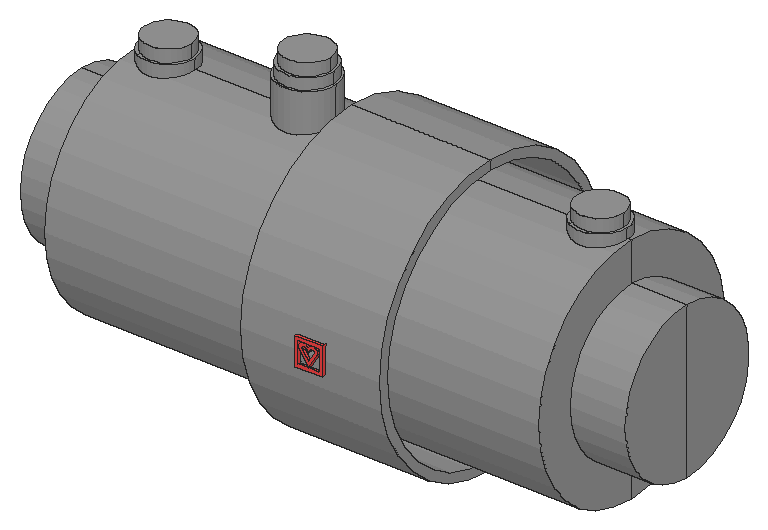
Revit family "Клапан предотвращения обратного потока 0307, наружная резьба х наружная резьба", category Rohrzubehör, Revit 2019
Family settings
  Bemaßung runder Anschluss = Durchmesser verwenden
  Teiletyp = Unterbricht
  OmniClass-Nummer = 23.65.55.14
  OmniClass-Titel = Valves for Liquid Services
  Arbeitsebenenbasiert = Nein
  Immer vertikal = Ja
  Beim Laden mit Abzugskörper schneiden = Nein
  Gemeinsam genutzt = Nein
Parameters (values of type "наружная резьба х наружная резьба DN50-DN50")
  Среда = "вода (не пар)"
  Примечание = "В соответствии со статьей 33 Регламента REACH (Registration; Evaluation; Authorisation; Restriction of Chemicals) (EC № 1907/2006) мы обязаны указать, что свинец внесен в список SVHC (Substances of Very High Concern - вещества очень высокой важности) и весовой процент свинца во всех латунных компонентах заводского изготовления в наших изделиях, превышает 0,1 % (w/w) (CAS: 7439-92-1 / EINECS: 231-100-4).\r\nПоскольку свинец является легирующим компонентом сплава, прямое негативное влияние исключается, и поэтому дополнительной информации о безопасном использовании не требуется."
  Область применения = "Клапан предотвращения обратного потока является экономически выгодным решением по дооснащению гидрантов арматурой, в соответствии с предписаниями DIN EN 1717, предотвращающей подсасывание непитьевой воды обратно в трубопровод питьевого водоснабжения.\r\nКлапан предотвращения обратного потока предназначается для установки в горизонтальном положении.\r\nДопускается также его вертикальное положение, но обязательно по направлению движения потока сверху вниз.\r\nКлапан не предусмотрен для установки на стояковых нагнетательных трубопроводах."
  Макс. рабочее давление = 1000000.0 Pa  # constant formula
  Макс. рабочая температура = 65 °C  # constant formula
  Корпус = "нержавеющая сталь"  # constant formula
  Исполнение = "Клапан предотвращения обратного потока ВА разработан согласно требованиям нормы DIN EN 1717.\r\nСогласно этой нормы качество воды, в зависимости от степени загрязнения, разделяется на 5 категорий.\r\nКлапан предотвращения обратного потока типа ВА обеспечивает защиту от непитьевой воды до 4 категории, - это самый высокий класс защиты, который может обеспечить арматура.\r\nБолее низкий уровень защиты, чем тот, что обеспечивается клапаном предотвращения обратного потока, не является стандартом и в случае аварии ответственность несёт потребитель такого гидранта.\r\nФункциональный узел представляет собой картридж с золотником больших размеров и защищающего от гидравлического удара спускного клапана.\r\nРезьбы соединения между собой взаимозаменяемы, при этом возможны 16 вариантов подключения (входная и выходная стороны могут быть с внутренней или наружной резьбой  1 1/2\" , как альтернатива,  с внутренней или наружной резьбой 2\")."
  URL = "www.herz-armaturen.ru"
  SCTWSEQ = "AW;SBT_TYP_AW=\"104\";2"
  SCTWCODE = "04;12;02"  # constant formula
  S03 = 15.000 mm  # constant formula
  S02 = 45.000 mm  # constant formula
  S01 = 98.000 mm  # constant formula
  Nennweite Ein [instance] = if(AG_AG_DN40_DN40, 40.000 mm, if(AG_AG_DN40_DN50, 40.000 mm, if(AG_AG_DN50_DN40, 50.000 mm, if(AG_AG_DN50_DN50, 50.000 mm, 0.000 mm))))  # 50.000 mm
  Nennweite Aus [instance] = if(AG_AG_DN40_DN40, 40.000 mm, if(AG_AG_DN40_DN50, 50.000 mm, if(AG_AG_DN50_DN40, 40.000 mm, if(AG_AG_DN50_DN50, 50.000 mm, 0.000 mm))))  # 50.000 mm
  Макс. допустимая рабочая температура (кратковременно) = 80 °C  # constant formula
  L05 = 73.000 mm  # constant formula
  L04 = 28.000 mm  # constant formula
  L03 = 87.500 mm  # constant formula
  L02 = 18.000 mm  # constant formula
  L01 = 196.000 mm  # constant formula
  Hersteller = "HERZ Armaturen Ges.m.b.H."  # constant formula
  Положение при монтаже = "горизонтально или вертикально, с направлением потока сверху вниз"  # constant formula
  D02 = 45.000 mm  # constant formula
  D01 = 37.500 mm  # constant formula
  Номер заказа [instance] = if(AG_AG_DN40_DN40, "I030703", if(AG_AG_DN40_DN50, "I030711", if(AG_AG_DN50_DN40, "I030715", if(AG_AG_DN50_DN50, "I030707", "0"))))  # "I030707"
  AG_AG_DN50_DN50 = yes
  AG_AG_DN50_DN40 = no
  AG_AG_DN40_DN50 = no
  AG_AG_DN40_DN40 = no
  AG Aus [instance] = Nennweite Aus / 2  # 25.000 mm
  AG Ein [instance] = Nennweite Ein / 2  # 25.000 mm
Types (5, lengths in mm): name | Nennweite Ein | Nennweite Aus | Номер заказа | AG_AG_DN50_DN50 | AG_AG_DN50_DN40 | AG_AG_DN40_DN50 | AG_AG_DN40_DN40 | AG Aus | AG Ein
  (no name) | 50.000 | 50.000 | "I030707" | yes | no | no | no | 25.000 | 25.000
  наружная резьба х наружная резьба DN40-DN50 | 40.000 | 50.000 | "I030711" | no | no | yes | no | 25.000 | 20.000
  наружная резьба х наружная резьба DN40-DN40 | 40.000 | 40.000 | "I030703" | no | no | no | yes | 20.000 | 20.000
  наружная резьба х наружная резьба DN50-DN50 | 50.000 | 50.000 | "I030707" | yes | no | no | no | 25.000 | 25.000
  наружная резьба х наружная резьба DN50-DN40 | 50.000 | 40.000 | "I030715" | no | yes | no | no | 20.000 | 25.000
Reference planes
  plane 1 "Mitte (Vorne/hinten)": y = 0
  plane 2: z = 0
  plane 3 "Mitte (Links/rechts)": x = 0
Forms (mm)
  Revolve 1, solid, material "Messing, weicher Gelbton, geschweißt", detail levels fine
    sketch origin (0, 0, 0) x (1, 0, 0) y (0, 0, 1)
      loop
        line (-98, 0) -> (98, 0) -> (98, 25) -> (80, 25) -> (80, 37.5) -> (-80, 37.5) -> (-80, 25) -> (-98, 25) -> (-98, 0)
      axis (-98, 0) -> (98, 0)
    angle from 0 to 360
  Revolve 2, solid, material "Acetalharz, Schwarz", detail levels fine
    sketch origin (0, 0, 0) x (1, 0, 0) y (0, 0, 1)
      loop
        line (-10.5, 0) -> (1.5, 0) -> (1.5, 42) -> (34.5, 42) -> (34.5, 45) -> (-10.5, 45) -> (-10.5, 0)
      axis (-10.5, 0) -> (34.5, 0)
    angle from 0 to 360
  Extrusion 3, solid, material "Messing, weicher Gelbton, geschweißt", detail levels fine
    sketch origin (0, 0, 0) x (1, 0, 0) y (0, 1, 0)
      loop
        circle (-70, 0) r 8.5
      loop
        circle (70, 0) r 8.5
    from 0 to 40.5
  Extrusion 4, solid, material "Acetalharz, Schwarz", detail levels fine
    sketch origin (0, 0, 0) x (1, 0, 0) y (0, 1, 0)
      loop
        circle (-70, 0) r 7.5
      loop
        circle (70, 0) r 7.5
    from 40.5 to 44.5
  Extrusion 5, solid, material "Messing, weicher Gelbton, geschweißt", detail levels fine
    sketch origin (0, 0, 0) x (1, 0, 0) y (0, 1, 0)
      loop
        circle (-25, 0) r 9.3
    from 0 to 49
  Extrusion 6, solid, material "Messing, weicher Gelbton, geschweißt", detail levels fine
    sketch origin (0, 0, 0) x (1, 0, 0) y (0, 1, 0)
      loop
        circle (-25, 0) r 8.5
    from 49 to 52.5
  Extrusion 7, solid, material "Acetalharz, Schwarz", visible <- "AG_AG_DN40_DN50", detail levels fine
    sketch origin (0, 0, 0) x (1, 0, 0) y (0, 1, 0)
      loop
        circle (-25, 0) r 7.5
    from 52.5 to 56.5
  Extrusion 8, solid, material "Acetalharz, Schwarz", visible <- "AG_AG_DN40_DN40", detail levels fine
    sketch origin (0, 0, 0) x (1, 0, 0) y (0, 1, 0)
      loop
        circle (-25, 0) r 7.5
    from 52.5 to 56.4
  Extrusion 9, solid, material "Acetalharz, Schwarz", visible <- "AG_AG_DN50_DN50", detail levels fine
    sketch origin (0, 0, 0) x (1, 0, 0) y (0, 1, 0)
      loop
        circle (-25, 0) r 7.5
    from 52.5 to 56.3
  Extrusion 10, solid, material "Acetalharz, Schwarz", visible <- "AG_AG_DN50_DN40", detail levels fine
    sketch origin (0, 0, 0) x (1, 0, 0) y (0, 1, 0)
      loop
        circle (-25, 0) r 7.5
    from 52.5 to 56.2
Lines and regions (mm)
  model lines, detail levels coarse+medium
    curve 1: line (-98, 0, 37.5) -> (98, 0, 37.5)
    curve 2: line (-98, 0, -37.5) -> (-98, 0, 37.5)
    curve 3: line (98, 0, -37.5) -> (-98, 0, -37.5)
    curve 4: line (98, 0, 37.5) -> (98, 0, -37.5)
    curve 5: line (-98, 0, -22.5) -> (-53, 0, -22.5)
    curve 6: line (0, 0, -22.5) -> (98, 0, -22.5)
    curve 7: line (-98, 0, 22.5) -> (-53, 0, 22.5)
    curve 8: line (0, 0, 22.5) -> (98, 0, 22.5)
    curve 9: line (-98, 37.5, 0) -> (98, 37.5, 0)
    curve 10: line (-98, -37.5, 0) -> (-98, 37.5, 0)
    curve 11: line (98, -37.5, 0) -> (-98, -37.5, 0)
    curve 12: line (98, 37.5, 0) -> (98, -37.5, 0)
    curve 13: line (-98, 22.5, 0) -> (-53, 22.5, 0)
    curve 14: line (0, 22.5, 0) -> (98, 22.5, 0)
    curve 15: line (-98, -22.5, 0) -> (-53, -22.5, 0)
    curve 16: line (0, -22.5, 0) -> (98, -22.5, 0)
Dimensions and locks
  "L02": Revolve 1 sketch curve to Revolve 1 sketch curve  (x2)
  "L01": Revolve 1 sketch curve to Revolve 1 sketch curve
  equal spacing: Revolve 1 sketch curve, plane 3 "Mitte (Links/rechts)", Revolve 1 sketch curve
  "AG Ein": Revolve 1 sketch curve to plane 2
  "AG Aus": Revolve 1 sketch curve to plane 2
  "D01": Revolve 1 sketch curve to plane 2
  "L03": Revolve 1 to Revolve 2 sketch curve
  equal spacing: curve 4, plane 3 "Mitte (Links/rechts)", curve 2
  "L01": curve 4 to curve 2
  "D01": curve 1 to plane 2 to curve 3
  "S03": curve 5 to curve 3
  "S03": curve 1 to curve 7
  "S03": curve 1 to curve 8
  "S03": curve 6 to curve 3
  "S02": curve 5 to curve 2
  "S02": curve 7 to curve 2
  "S01": curve 8 to curve 4
  "S01": curve 6 to curve 4
  equal spacing: curve 10, plane 3 "Mitte (Links/rechts)", curve 12
  "L01": curve 10 to curve 12
  "D01": curve 11 to plane 1 "Mitte (Vorne/hinten)" to curve 9
  "S03": curve 13 to curve 9
  "S03": curve 11 to curve 15
  "S03": curve 14 to curve 9
  "S03": curve 11 to curve 16
  "S01": curve 14 to curve 12
  "S01": curve 16 to curve 12
  "S02": curve 10 to curve 15
  "S02": curve 10 to curve 13
  "D02": Revolve 2 sketch curve to Revolve 2 sketch curve
  equal spacing: Revolve 2, nested 1, Revolve 2
  "D02": nested 1 to plane 1 "Mitte (Vorne/hinten)"
  "L04": Revolve 1 to Extrusion 3 sketch curve
  "L04": Extrusion 3 sketch curve to Revolve 1
  "L04": Extrusion 4 sketch curve to Revolve 1
  "L04": Revolve 1 to Extrusion 4 sketch curve
  "L05": Revolve 1 to Extrusion 5 sketch curve
  "L05": Revolve 1 to Extrusion 6 sketch curve
  "L05": Revolve 1 to Extrusion 10 sketch curve
  "L05": Revolve 1 to Extrusion 9 sketch curve
  "L05": Revolve 1 to Extrusion 8 sketch curve
  "L05": Revolve 1 to Extrusion 7 sketch curve
  aligned and locked: level to plane 2
Automatic sketch dimensions
  Revolve 1 sketch curve to level = 0.000 mm  (x2)
  Revolve 1 sketch curve to Revolve 1 sketch curve = 1408.530 mm
  Revolve 1 sketch curve to Revolve 1 sketch curve = 1741.148 mm
  Revolve 2 sketch curve to level = 0.000 mm  (x2)
  plane 3 "Mitte (Links/rechts)" to Revolve 2 sketch curve = 1.500 mm
  Revolve 2 sketch curve to Revolve 2 sketch curve = 33.000 mm
  Revolve 2 sketch curve to Revolve 2 sketch curve = 3.000 mm
  Revolve 2 sketch curve to Revolve 2 sketch curve = 1496.030 mm
  Revolve 2 sketch curve to Revolve 2 sketch curve = 1804.648 mm
  plane 1 "Mitte (Vorne/hinten)" to Extrusion 3 sketch curve = 0.000 mm  (x2)
  plane 1 "Mitte (Vorne/hinten)" to Extrusion 4 sketch curve = 0.000 mm  (x2)
  plane 1 "Mitte (Vorne/hinten)" to Extrusion 5 sketch curve = 0.000 mm
  plane 1 "Mitte (Vorne/hinten)" to Extrusion 6 sketch curve = 0.000 mm
  plane 1 "Mitte (Vorne/hinten)" to Extrusion 7 sketch curve = 0.000 mm
  plane 1 "Mitte (Vorne/hinten)" to Extrusion 8 sketch curve = 0.000 mm
  plane 1 "Mitte (Vorne/hinten)" to Extrusion 9 sketch curve = 0.000 mm
  plane 1 "Mitte (Vorne/hinten)" to Extrusion 10 sketch curve = 0.000 mm
  radius of Extrusion 3 sketch curve = 8.500 mm  (x2)
  radius of Extrusion 4 sketch curve = 7.500 mm  (x2)
  radius of Extrusion 5 sketch curve = 9.300 mm
  radius of Extrusion 6 sketch curve = 8.500 mm
  radius of Extrusion 7 sketch curve = 7.500 mm
  radius of Extrusion 8 sketch curve = 7.500 mm
  radius of Extrusion 9 sketch curve = 7.500 mm
  radius of Extrusion 10 sketch curve = 7.500 mm
Nested families
  nested 1: "Herz-Logo-vorne" at (12, -45, 0) x (0, 1, 0) z (0, 0, 1), type "Herz-Logo-vorne", detail levels fine
Connectors
  piping at (-98, 0, 0), diameter 50, driven by "Nennweite Ein"
    settings: on Revolve 1, index 2, connector inside diameter 609.6 mm, connector length 0.000 mm, flow factor 0, pipe flow 0.0 L/s, pressure drop 0.0 Pa, fitting loss kfactor 0, connector angle 0.00°, fixture units 0, engagement length 0.000 mm, angle of deflection 0.00°, flow configuration 0, flow direction 1, fitting loss method 0, system type 29, joint type 0, gender type 0, connector reference index -1, connector utility 0, adjustable connector no, is connector primary yes, connector description ""
  piping at (98, 0, 0), diameter 50, driven by "Nennweite Aus"
    settings: on Revolve 1, index 3, connector inside diameter 609.6 mm, connector length 0.000 mm, flow factor 0, pipe flow 0.0 L/s, pressure drop 0.0 Pa, fitting loss kfactor 0, connector angle 0.00°, fixture units 0, engagement length 0.000 mm, angle of deflection 0.00°, flow configuration 0, flow direction 2, fitting loss method 0, system type 29, joint type 0, gender type 0, connector reference index -1, connector utility 0, adjustable connector no, is connector primary no, connector description ""
Definition of nested family "Herz-Logo-vorne"
  Reference planes
    plane 1 "Mitte (Vorne/hinten)": y = 0
    plane 2: z = 0
    plane 3 "Mitte (Links/rechts)": x = 0
  Forms (mm)
    Extrusion 1, solid
      sketch origin (0.732, -0.018, 0.017) x (0, -1, 0) y (0, 0, 1)
        loop
          line (-0.018, -4.517) -> (4.482, -4.517) -> (4.482, 4.483) -> (-4.518, 4.483) -> (-4.518, -4.517) -> (-0.018, -4.517)
        loop
          line (-0.05, -3.48) -> (3.482, -3.48) -> (3.482, 3.483) -> (-3.518, 3.483) -> (-3.518, -3.48) -> (-0.05, -3.48)
        loop
          arc (-0.018, 2.383) -> (-1.543, 3.287) -> (-3.067, 2.383) r 1.738
          arc (-3.067, 2.383) -> (-3.191, 1.899) -> (-3.067, 1.415) r 1.009
          line (-3.067, 1.415) -> (-0.018, -3.281) -> (3.032, 1.415)
          arc (3.032, 1.415) -> (3.156, 1.899) -> (3.032, 2.383) r 1.009
          arc (3.032, 2.383) -> (1.507, 3.287) -> (-0.018, 2.383) r 1.738
        loop
          arc (1.885, 1.272) -> (2.005, 1.675) -> (1.885, 2.079) r 0.74
          arc (1.885, 2.079) -> (1.265, 2.416) -> (0.644, 2.079) r 0.74
          line (0.644, 2.079) -> (-0.018, 0.97) -> (-0.679, 2.079)
          arc (-0.679, 2.079) -> (-1.3, 2.416) -> (-1.921, 2.079) r 0.74
          arc (-1.921, 2.079) -> (-2.04, 1.675) -> (-1.921, 1.272) r 0.74
          line (-1.921, 1.272) -> (-0.018, -1.658) -> (1.885, 1.272)
      from 0 to 1.5
  Dimensions and locks
    aligned and locked: level to plane 2
